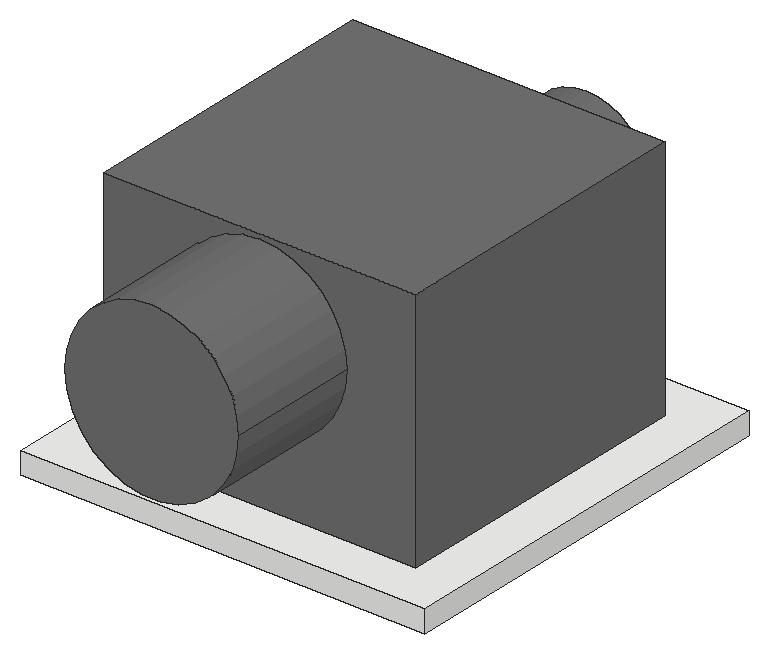
Revit family "vd-13_18zf(p)c14_50Hz", category 機械設備, Revit 2019
Family settings
  丸型コネクタ寸法 = 直径を使用
  パーツ タイプ = 標準
  OmniClass 番号 = 23.75.35.17.27
  OmniClass タイトル = Centrifugal Fans
  作業面ベース = いいえ
  常に垂直 = はい
  ロード時にボイドで切り取り = いいえ
  共有 = いいえ
  部屋計算ポイント = はい
Parameters (values of type "VD-17ZFC14")
  騒音レベル(dB(A)) [instance] = 35
  風量 [instance] = 250.0 m³/h
  電源種別 [instance] = ""
  電圧 = 100 V
  電動機出力 = 0 W
  電動機_種別 [instance] = ""
  運転質量 = 0.00 kg
  連動 [instance] = ""
  質量 = if(製品質量 > 運転質量, 製品質量, 運転質量) * 1.2  # 3.72 kg
  負荷分類 = 3_ファン類
  説明 = "ダクト用換気扇 2部屋換気用 低騒音形"
  設計風量 [instance] = 0.0 m³/h
  設置方法 = "天埋"
  記号 [instance] = ""
  製造元 = "三菱電機株式会社"
  製品質量 = 3.10 kg
  製品出荷対象 = "国内"
  製品リリース年月 = "2024年6月3日"
  製品グループ = ""
  系統 [instance] = ""
  符号 [instance] = if(☑給気／□排気, "FS", "FE")  # "FE"
  積算_科目 = "2 換気設備"
  積算_拾い区分 [instance] = ""
  相 = 1
  盤記号 [instance] = ""
  発停方法 [instance] = ""
  特殊仕様 [instance] = ""
  火災停止 [instance] = ""
  消費電力 = 21.5 W
  法定耐用年数 = "15"
  機外静圧 [instance] = 0.0 Pa
  極数 = 2
  材質 [instance] = ""
  操作・制御方式 = ""
  操作・制御スイッチ = ""
  排気量 [instance] = if(☑給気／□排気, 0.0 m³/h, 設計風量)  # 0.0 m³/h
  形式 = "天井埋込ダクト形"
  幹線記号 [instance] = ""
  対象室 [instance] = ""
  実風量 [instance] = 0.0 m³/h
  始動方式 [instance] = "直入"
  外気量 [instance] = if(☑給気／□排気, 設計風量, 0.0 m³/h)  # 0.0 m³/h
  呼称 = "天井扇"
  周波数 = 50 Hz
  参照している仕様書等のバージョン = ""
  分類コード = "50052503100030"
  分類グループ = ""
  価格 = 47000
  企業コード = "108420"
  付属品_防振装置 = ""
  付属品 [instance] = ""
  仕様書バージョン = "Version1.0"
  モデル = "VD-17ZFC14"
  マテリアル = 合成樹脂(黒)
  ファンの種類 = ""
  ダクト径2 = 100 mm
  ダクト径 = 150 mm
  コメント [instance] = ""
  Keynote = ""
  カバーマテリアル = 合成樹脂(白)
  ☑給気／□排気 [instance] = no
  Width = 254 mm
  W1 = 330 mm
  Version = ""
  Uniclass2015Version = "Systems v1.9"
  Uniclass2015Title = "Centrifugal fans"
  Uniclass2015Code = "Pr_65_67_29_12"
  URL = "https://www.mitsubishielectric.co.jp/ldg/wink/qr/002/333640/"
  SpecificationReference = ""
  SpecificationDescription = ""
  Revision = ""
  RAダクト接続口_3 = no
  RAダクト接続口_2 = no
  RAダクト接続口_1 = yes
  RAサイズ_D = 98 mm
  RA_Duct_Height = 109 mm
  RA_Duct_Depth = 79 mm
  ProductInformation = ""
  OmniClassCode = "23-33 31 19 11 15"
  OAサイズ_D = 0 mm
  MIN風量 = 0.0 m³/h
  MIN静圧 = 0.0 Pa
  MID風量 = 0.0 m³/h
  MID静圧 = 0.0 Pa
  MAX風量 = 250.0 m³/h
  MAX静圧 = 0.0 Pa
  IfcTypeProduct = ""
  IfcProduct = ""
  IfcExportType = "PROPELLORAXIAL"
  IfcExportAs = "IfcFanType"
  Height = 200 mm
  H1 = 18 mm
  EAサイズ_D = 142 mm
  EA_Duct_Height = 125 mm
  EA_Duct_Depth = 110 mm
  Duct_Height = 111 mm
  Duct_Depth = 114 mm
  Duct_Center = 0 mm
  Depth = 254 mm
  D1 = 330 mm
  Box_Width = 24.336 mm
  Box_W = 104.664 mm
  Box_Height = 87 mm
  Box_H = 41.608 mm
  Author = "三菱電機株式会社"
Types (5, lengths in mm): name | 騒音レベル(dB(A)) | 風量 | 質量 | 説明 | 製品質量 | 消費電力 | 価格 | モデル | ダクト径 | Width | W1 | URL | RAダクト接続口_2 | MIN風量 | MAX風量 | EAサイズ_D | EA_Duct_Height | EA_Duct_Depth | Depth | D1
  VD-13ZFC14 | 29.5 | 175.0 m³/h | 3.60 kg | "ダクト用換気扇 2部屋換気用 低騒音形" | 3.00 kg | 13.5 W | 31900 | "VD-13ZFC14" | 100 | 254 | 330 | "https://www.mitsubishielectric.co.jp/ldg/wink/qr/002/333588/" | no | 0.0 m³/h | 175.0 m³/h | 98 | 109 | 109 | 254 | 330
  VD-15ZFC14 | 34 | 210.0 m³/h | 3.48 kg | "ダクト用換気扇 2部屋換気用 低騒音形" | 2.90 kg | 20 W | 34400 | "VD-15ZFC14" | 100 | 254 | 330 | "https://www.mitsubishielectric.co.jp/ldg/wink/qr/002/333608/" | no | 0.0 m³/h | 210.0 m³/h | 98 | 109 | 109 | 254 | 330
  VD-15ZFPC14 | 31.5 | 185.0 m³/h | 4.32 kg | "ダクト用換気扇 2部屋換気用 低騒音形 高静圧タイプ" | 3.60 kg | 25.5 W | 45800 | "VD-15ZFPC14" | 100 | 254 | 330 | "https://www.mitsubishielectric.co.jp/ldg/wink/qr/002/333613/" | no | 130.0 m³/h | 185.0 m³/h | 98 | 109 | 109 | 254 | 330
  VD-17ZFC14 | 35 | 250.0 m³/h | 3.72 kg | "ダクト用換気扇 2部屋換気用 低騒音形" | 3.10 kg | 21.5 W | 47000 | "VD-17ZFC14" | 150 | 254 | 330 | "https://www.mitsubishielectric.co.jp/ldg/wink/qr/002/333640/" | no | 0.0 m³/h | 250.0 m³/h | 142 | 125 | 110 | 254 | 330
  VD-18ZFPC14 | 36 | 265.0 m³/h | 4.92 kg | "ダクト用換気扇 2～3部屋換気用 低騒音形" | 4.10 kg | 30.5 W | 61600 | "VD-18ZFPC14" | 100 | 310 | 390 | "https://www.mitsubishielectric.co.jp/ldg/wink/qr/002/333649/" | yes | 170.0 m³/h | 265.0 m³/h | 98 | 109 | 109 | 310 | 390
Reference planes
  plane 1 "中心(正面/背面)": y = 0
  plane 2: z = 0
  plane 3 "中心(左/右)": x = 0
  plane 4: x = -165
  plane 5: x = 165
  plane 6: y = 165
  plane 7: y = -165
  plane 8: x = -127
  plane 9: x = 127
  plane 10: y = 127
  plane 11: y = -127
  plane 12: y = -237
  plane 13: z = 200
  plane 14: z = -18
  plane 15: z = 125
  plane 16: x = 0
  plane 17: y = 206
  plane 18: z = 109
  plane 19: x = 206
  plane 20: x = -206
  plane 21: z = 109
  plane 22: x = 104.664
  plane 23: x = 80.327
  plane 24: z = 23.608
  plane 25: z = 110.608
Forms (mm)
  Extrusion 1, solid, material "合成樹脂(黒)" <- "マテリアル", detail levels fine
    sketch origin (0, 0, 0) x (1, 0, 0) y (0, 1, 0)
      loop
        line (-127, 127) -> (-127, -127) -> (127, -127) -> (127, 127) -> (-127, 127)
    from 0 to 200
  Extrusion 2, solid, material "合成樹脂(白)" <- "カバーマテリアル", detail levels fine
    sketch origin (0, 0, 0) x (1, 0, 0) y (0, 1, 0)
      loop
        line (-165, 165) -> (-165, -165) -> (165, -165) -> (165, 165) -> (-165, 165)
    from 0 to -18
  Extrusion 3, solid, material "合成樹脂(黒)" <- "マテリアル", detail levels fine
    sketch origin (0, 0, 0) x (1, 0, 0) y (0, 0, 1)
      loop
        circle (0, 125) r 71
    from 127 to 237
  Extrusion 4, solid, material "合成樹脂(黒)" <- "マテリアル", visible <- "RAダクト接続口_1", detail levels fine
    sketch origin (1.655, 0, 0) x (1, 0, 0) y (0, 0, 1)
      loop
        circle (-1.655, 109) r 49
    from -206 to -127
  Extrusion 5, solid, material "合成樹脂(黒)" <- "マテリアル", visible <- "RAダクト接続口_3", detail levels fine
    sketch origin (0, 0, 0) x (0, 1, 0) y (0, 0, 1)
      loop
        circle (0, 109) r 49
    from -206 to -127
  Extrusion 6, solid, material "合成樹脂(黒)" <- "マテリアル", visible <- "RAダクト接続口_2", detail levels fine
    sketch origin (0, 0, 0) x (0, 1, 0) y (0, 0, 1)
      loop
        circle (0, 109) r 49
    from 127 to 206
Dimensions and locks
  equal spacing: plane 4, plane 3 "中心(左/右)", plane 5
  "W1": plane 4 to plane 5
  equal spacing: plane 6, plane 1 "中心(正面/背面)", plane 7
  "D1": plane 6 to plane 7
  equal spacing: plane 8, plane 3 "中心(左/右)", plane 9
  "Width": plane 8 to plane 9
  equal spacing: plane 10, plane 1 "中心(正面/背面)", plane 11
  "Depth": plane 10 to plane 11
  "EA_Duct_Depth": plane 11 to plane 12
  "Height": plane 13 to plane 2
  "EA_Duct_Height": plane 15 to plane 2
  "H1": plane 2 to plane 14
  "Duct_Center": plane 3 "中心(左/右)" to plane 16
  "RA_Duct_Height": level to plane 18
  "RA_Duct_Depth": plane 17 to plane 10
  "RA_Duct_Depth": plane 9 to plane 19
  "RA_Duct_Depth": plane 20 to plane 8
  "RA_Duct_Height": plane 21 to level
  "Box_W": plane 22 to plane 3 "中心(左/右)"
  "Box_Width": plane 22 to plane 23
  "Box_H": plane 24 to plane 14
  "Box_Height": plane 25 to plane 24
  "EAサイズ_D": diameter of Extrusion 3 sketch curve
  "RAサイズ_D": diameter of Extrusion 4 sketch curve
  "RAサイズ_D": diameter of Extrusion 6 sketch curve
  "RAサイズ_D": diameter of Extrusion 6
  aligned and locked: level to plane 2
  aligned and locked: plane 5 to Extrusion 2
  aligned and locked: plane 6 to Extrusion 2
  aligned and locked: Extrusion 2 to plane 4
  aligned and locked: Extrusion 2 to plane 7
  aligned and locked: plane 9 to Extrusion 1
  aligned and locked: Extrusion 1 to plane 11
  aligned and locked: Extrusion 1 to plane 8
  aligned and locked: plane 10 to Extrusion 1
  aligned and locked: plane 13 to Extrusion 1
  aligned and locked: Extrusion 2 to plane 14
  aligned and locked: level to Extrusion 2
  aligned and locked: Extrusion 1 to level
  aligned and locked: Extrusion 3 to plane 12
  aligned and locked: plane 11 to Extrusion 3
  aligned and locked: plane 17 to Extrusion 4
  aligned and locked: Extrusion 4 to plane 10
  aligned and locked: plane 8 to Extrusion 5
  aligned and locked: Extrusion 5 to plane 20
  aligned and locked: Extrusion 6 to plane 9
  aligned and locked: plane 19 to Extrusion 6
Automatic sketch dimensions
  Extrusion 1 sketch curve to plane 3 "中心(左/右)" = 127 mm
  plane 3 "中心(左/右)" to Extrusion 1 sketch curve = 127 mm
  Extrusion 2 sketch curve to plane 3 "中心(左/右)" = 165 mm
  plane 3 "中心(左/右)" to Extrusion 2 sketch curve = 165 mm
  plane 1 "中心(正面/背面)" to Extrusion 1 sketch curve = 127 mm
  Extrusion 1 sketch curve to plane 1 "中心(正面/背面)" = 127 mm
  plane 1 "中心(正面/背面)" to Extrusion 2 sketch curve = 165 mm
  Extrusion 2 sketch curve to plane 1 "中心(正面/背面)" = 165 mm
  Extrusion 3 sketch curve to plane 15 = 0 mm
  Extrusion 3 sketch curve to plane 16 = 0 mm
  Extrusion 4 sketch curve to plane 16 = 0 mm
  Extrusion 4 sketch curve to plane 18 = 0 mm
  Extrusion 6 sketch curve to plane 1 "中心(正面/背面)" = 0 mm
  Extrusion 6 sketch curve to plane 18 = 0 mm
  Extrusion 5 sketch curve to plane 1 "中心(正面/背面)" = 0 mm
  Extrusion 5 sketch curve to plane 18 = 0 mm
  radius of Extrusion 5 sketch curve = 49 mm
Nested families
  nested 1: "記号_天井換気扇_平面" at (0, 0, 0), type "記号_天井換気扇_平面", detail levels coarse+medium
Connectors
  hvac at (0, -237, 125), driven by "ダクト径", driven by "風量", driven by "機外静圧"
    settings: on Extrusion 3, index 1, duct flow 250.0 m³/h, flow factor 0, pres drop 0.0 Pa, loss coef 0, conn angle 0.00°, conn width 304.8 mm, conn height 304.8 mm, conn diameter 150 mm, duct sys type 3, conn prof type 0, flow config 0, flow direction 2, loss method 4, conn ref index -1, conn util no, is conn primary yes, conn desc ""
  electrical at (0, 0, 200), driven by "極数", driven by "負荷分類", driven by "電圧", driven by "消費電力"
    settings: on Extrusion 1, index 2, voltage 100 V, apparent load 21.5 VA, apparent load phase1 0 VA, apparent load phase2 0 VA, apparent load phase3 0 VA, power factor 1, load classification "3_ファン類", number of poles 2, system type 30, power factor state 1, is connector primary yes, connector utility no, sub classification motor no, connector description ""
  hvac at (0, 206, 109), driven by "ダクト径2", driven by "機外静圧", driven by "風量"
    settings: on Extrusion 4, index 4, duct flow 250.0 m³/h, flow factor 0, pres drop 0.0 Pa, loss coef 0, conn angle 0.00°, conn width 304.8 mm, conn height 304.8 mm, conn diameter 100 mm, duct sys type 2, conn prof type 0, flow config 0, flow direction 1, loss method 4, conn ref index -1, conn util no, is conn primary no, conn desc ""
  hvac at (206, 0, 109), driven by "ダクト径2", driven by "機外静圧", driven by "風量"
    settings: on Extrusion 6, index 5, duct flow 250.0 m³/h, flow factor 0, pres drop 0.0 Pa, loss coef 0, conn angle 0.00°, conn width 304.8 mm, conn height 304.8 mm, conn diameter 100 mm, duct sys type 2, conn prof type 0, flow config 0, flow direction 1, loss method 4, conn ref index -1, conn util no, is conn primary no, conn desc ""
  hvac at (-206, 0, 109), driven by "ダクト径2", driven by "機外静圧", driven by "風量"
    settings: on Extrusion 5, index 6, duct flow 250.0 m³/h, flow factor 0, pres drop 0.0 Pa, loss coef 0, conn angle 0.00°, conn width 304.8 mm, conn height 304.8 mm, conn diameter 100 mm, duct sys type 2, conn prof type 0, flow config 0, flow direction 1, loss method 4, conn ref index -1, conn util no, is conn primary no, conn desc ""
Definition of nested family "記号_天井換気扇_平面"
  Reference planes
    plane 1: y = 0
    plane 2: x = 0
  Lines and regions (mm)
    detail lines
      curve 1: line (-2.5, 2.5, 0) -> (2.5, 2.5, 0)
      curve 2: line (-2.5, -2.5, 0) -> (-2.5, 2.5, 0)
      curve 3: line (2.5, -2.5, 0) -> (-2.5, -2.5, 0)
      curve 4: line (2.5, 2.5, 0) -> (2.5, -2.5, 0)
      curve 5: circle (-1.04, -1.04, 0) r 1.46 normal (0, 0, 1)
      curve 6: circle (1.04, 1.04, 0) r 1.46 normal (0, 0, 1)
      curve 7: line (-3.125, 3.125, 0) -> (3.125, 3.125, 0)
      curve 8: line (-3.125, -3.125, 0) -> (-3.125, 3.125, 0)
      curve 9: line (3.125, -3.125, 0) -> (-3.125, -3.125, 0)
      curve 10: line (3.125, 3.125, 0) -> (3.125, -3.125, 0)
      curve 11: circle (1.295, 1.295, 0) r 1.83 normal (0, 0, 1)
      curve 12: circle (-1.295, -1.295, 0) r 1.83 normal (0, 0, 1)
      curve 13: line (-2, 2, 0) -> (2, 2, 0)
      curve 14: line (-2, -2, 0) -> (-2, 2, 0)
      curve 15: line (2, -2, 0) -> (-2, -2, 0)
      curve 16: line (2, 2, 0) -> (2, -2, 0)
      curve 17: circle (0.84, 0.84, 0) r 1.16 normal (0, 0, 1)
      curve 18: circle (-0.84, -0.84, 0) r 1.2 normal (0, 0, 1)
